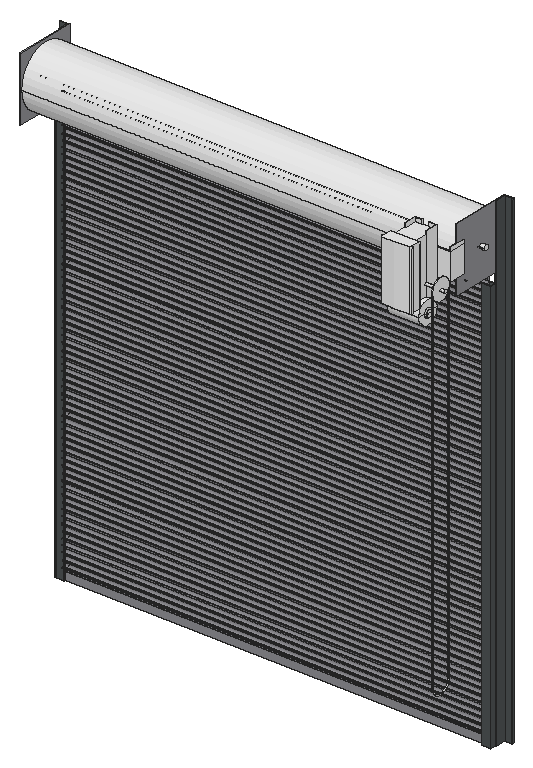
Revit family "FireKing-Fire-Rated-Service-Doors_OHD_Model-631_compact", category Specialty Equipment, host Wall, Revit 2023 (continued)
Definition of nested family "Motor"
  Forms (in)
    Extrusion 2, solid, material <- "Main Material", visible <- "Not Chain Hoist"
      sketch origin (0, 0, 18.8898) x (1, 0, 0) y (0, 1, 0)
        loop
          arc (-4.3324, -5.3122) -> (-4.24466, -5.55085) -> (-4.02324, -5.67585) r 0.36846
          arc (-4.02324, -5.67585) -> (0, -6.0017) -> (4.02324, -5.67585) r 25
          arc (4.02324, -5.67585) -> (4.24466, -5.55085) -> (4.3324, -5.3122) r 0.36846
          line (4.3324, -5.3122) -> (4.3324, -5.05565) -> (4.116, -5.05565) -> (4.116, -2.41307) -> (-4.134, -2.41307)
      from -17 to 0.35839
    Revolve 3, solid, material <- "Main Material", visible <- "Not Fire King"
      sketch origin (2.0828, 5.66524, 0) x (0, -1, 0) y (1, 0, 0)
        loop
          line (5.66524, -9.0813) -> (5.66524, 3.1162) -> (4.82413, 3.1162) -> (4.82413, 2.7162) -> (4.39283, 2.7162) -> (4.39283, 2.4872) -> (2.44007, 2.4872) -> (2.44007, -6.6585) -> (3.79863, -6.6585) -> (3.79863, -7.51105) -> (3.89778, -7.6102) -> (5.36033, -7.6102) -> (5.36033, -7.8313) -> (4.69783, -7.8313) -> (4.69783, -9.0813) -> (5.66524, -9.0813)
        axis (5.66524, -9.0813) -> (5.66524, 3.1162)
      angle from 0 to 360
    Extrusion 4, solid, material <- "Main Material", visible <- "Wall Mount RSX"
      sketch origin (0, 0, 18.8898) x (1, 0, 0) y (0, 1, 0)
        loop
          line (-2.988, 5.08193) -> (-4.988, 5.08193) -> (-4.988, 4.96193) -> (-3.108, 4.96193) -> (-3.108, 1.46193) -> (-2.988, 1.46193) -> (-2.988, 5.08193)
        loop
          line (2.988, 5.08193) -> (2.988, 1.46193) -> (3.108, 1.46193) -> (3.108, 4.96193) -> (4.988, 4.96193) -> (4.988, 5.08193) -> (2.988, 5.08193)
      from -16.64 to 1.14
    Extrusion 5, solid, material <- "Main Material"
      sketch origin (0, 0.00141, 3.59957) x (0, 0, 1) y (0, -1, 0)
        loop
          circle (2.93043, -1.18859) r 3
      from 7.52 to 7.2495
    Sweep 6, solid, material <- "Main Material"
      path origin (7.38475, 9.53, 48) x (0, 1, 0) y (0, 0, 1)
        loop
          line (-11.34, -41.47) -> (-11.34, -143.7825)
          arc (-11.34, -143.7825) -> (-8.34, -146.7825) -> (-5.34, -143.7825) r 3
          line (-5.34, -143.7825) -> (-5.34, -41.47)
      profile origin (7.38475, -1.81, -44.62625) x (1, 0, 0) y (0, 1, 0)
        loop
          circle (0, 0.1) r 0.1
    Extrusion 7, solid, material <- "Main Material"
      sketch origin (0, 0.00141, 3.59957) x (0, 0, 1) y (0, -1, 0)
        loop
          circle (2.93043, -1.18859) r 0.4
      from 8.82 to 0
    Extrusion 8, solid, material <- "Main Material", visible <- "Face+Top"
      sketch origin (0, 0, 18.8898) x (1, 0, 0) y (0, 1, 0)
        loop
          line (7.2495, 5.08193) -> (7.2495, 9.82193) -> (7.1295, 9.82193) -> (7.1295, 5.20193) -> (-2.988, 5.20193) -> (-2.988, 5.08193) -> (7.2495, 5.08193)
      from -12.32 to -4.32
    Extrusion 9, solid, material <- "Main Material", visible <- "Face + Top + Bench"
      sketch origin (0.25, 0, 18.8898) x (1, 0, 0) y (0, 1, 0)
        loop
          line (-3.358, 5.08193) -> (-3.358, 1.46193) -> (-3.238, 1.46193) -> (-3.238, 4.96193) -> (-1.238, 4.96193) -> (-1.238, 5.08193) -> (-3.358, 5.08193)
        loop
          line (2.858, 5.08193) -> (0.738, 5.08193) -> (0.738, 4.96193) -> (2.738, 4.96193) -> (2.738, 1.46193) -> (2.858, 1.46193) -> (2.858, 5.08193)
      from -16.64 to 1.14
    Extrusion 10, solid, material <- "Main Material", visible <- "Face+Top"
      sketch origin (0, 0, 0) x (0, 0, 1) y (0, -1, 0)
        loop
          line (15.5698, -5.33193) -> (6.5698, -5.33193) -> (6.5698, -9.82193) -> (15.5698, -9.82193) -> (15.5698, -5.33193)
      from 6.8795 to 7.1295
    Extrusion 11, solid, material <- "Main Material", visible <- "Bench Mount RSX"
      sketch origin (0, 0, 18.8898) x (1, 0, 0) y (0, 1, 0)
        loop
          line (-6.9985, 5.08193) -> (3.108, 5.08193) -> (3.108, 5.20193) -> (-7.1205, 5.20193) -> (-7.1205, 1.33693) -> (-6.9985, 1.33693) -> (-6.9985, 5.08193)
      from -10.78 to -1.46
    Extrusion 12, solid, material <- "Main Material", visible <- "Bench Mount RSX"
      sketch origin (0, 0, 0) x (0, 0, 1) y (0, -1, 0)
        loop
          line (8.2698, -1.46193) -> (8.2698, -4.96193) -> (17.2698, -4.96193) -> (17.2698, -1.46193) -> (8.2698, -1.46193)
      from -7.24 to -7.1205
  Lines and regions (in)
    reference lines
      curve 1: line (0, 0, 0) -> (0, 0, 18.8898)
  Dimensions and locks (in)
    Extrusion 4 sketch curve to Extrusion 4 sketch curve = 3.62"
    locked: Extrusion 4 sketch curve to Extrusion 4 sketch curve at 0.12  (x3)
    "Chain H Offset": plane 4 to plane 5
    locked: plane 7 to plane 6 at 30
    locked: Sweep 6 sketch curve to profile plane at 0
    locked: profile plane to Sweep 6 sketch curve at 0.1
    locked: Sweep 6 sketch curve to Sweep 6 sketch curve at 6
    "Floor To Cl Shaft": plane 8 to plane 6
    "Horizontal Mount": plane 1 "Center (Front/Back)" to plane 11
    Extrusion 9 sketch curve to Extrusion 9 sketch curve = 3.62"
    locked: Extrusion 9 sketch curve to Extrusion 9 sketch curve at 0.12  (x3)
    "Top Option Offset": level to plane 12
    "Chain V Offset": plane 9 "Chain Hoist" to plane 12
    equal spacing: Sweep 6 sketch curve, plane 5, Sweep 6 sketch curve
    "Vertical Mount": plane 10 "Top Of Hood" to plane 12
    locked: Extrusion 2 sketch curve to Extrusion 2 sketch curve at 8.25
    locked: Extrusion 2 sketch curve to Extrusion 2 sketch curve at 2.64258
    locked: plane 3 "Center (Left/Right)" to plane 14 at 7.2495
    "Hood Mount": plane 13 "Hood Face" to plane 14
    locked: Extrusion 8 sketch curve to Extrusion 8 sketch curve at 0.12  (x2)
    locked: Extrusion 8 sketch curve to curve 1 at 5.08193
    "Hood Width Real": plane 11 to plane 15
    "Real Exterior Wall Offset": plane 15 to plane 16 "Wall"
    locked: Extrusion 8 sketch curve to Extrusion 8 sketch curve at 4.62
    Revolve 3 sketch curve to Revolve 3 sketch curve to Revolve 3 sketch curve to Revolve 3 sketch curve to Revolve 3 sketch curve to Revolve 3 sketch curve to Revolve 3 sketch curve = 1 1/4" locked, 0.2211" locked, 0.9517" locked, 9.1457" locked, 0.229" locked, 0.4" locked
    Revolve 3 sketch curve to Revolve 3 sketch curve to Revolve 3 sketch curve to Revolve 3 sketch curve to Revolve 3 sketch curve to Revolve 3 sketch curve to Revolve 3 sketch curve to Revolve 3 sketch curve = 0.30491" locked, 0.53619" locked, 0.12631" locked, 0.305" locked, 0.49505" locked, 0.09915" locked, 1.35856" locked
    locked: Extrusion 1 sketch curve to Extrusion 1 sketch curve at 0.1196
    locked: Extrusion 1 sketch curve to Extrusion 1 sketch curve at 5.976
    equal spacing: Extrusion 1 sketch curve, curve 1, Extrusion 1 sketch curve
    locked: curve 1 to Extrusion 1 sketch curve at 2.41307
    locked: Extrusion 1 sketch curve to Extrusion 1 sketch curve at 7.375
    locked: Extrusion 9 sketch curve to curve 1 at 1.46193
    equal spacing: Extrusion 4 sketch curve, curve 1, Extrusion 4 sketch curve
    locked: Extrusion 4 sketch curve to curve 1 at 1.46193
    locked: Extrusion 10 sketch curve to Extrusion 10 sketch curve at 4.49
    locked: Extrusion 10 sketch curve to Extrusion 10 sketch curve at 9
    locked: Extrusion 10 sketch curve to curve 1 at 9.82193
    locked: Extrusion 10 sketch curve to curve 1 at 6.5698
    locked: Revolve 3 sketch curve to plane 3 "Center (Left/Right)" at 4.5757
    locked: Extrusion 4 sketch curve to Extrusion 4 sketch curve at 5.976
    locked: Extrusion 9 sketch curve to plane 3 "Center (Left/Right)" at 2.988
    locked: plane 3 "Center (Left/Right)" to Extrusion 9 sketch curve at 3.108
    locked: Extrusion 4 sketch curve to Extrusion 4 sketch curve at 2
    locked: Extrusion 4 sketch curve to Extrusion 4 sketch curve at 1.88
    locked: Extrusion 8 sketch curve to Extrusion 8 sketch curve at 10.2375
    locked: curve 1 to Extrusion 8 sketch curve at 7.2495
    locked: Extrusion 1 sketch curve to Extrusion 1 sketch curve at 1.128
    locked: Extrusion 1 sketch curve to Extrusion 1 sketch curve at 1.146
    locked: curve 1 to Extrusion 2 sketch curve at 2.41307
    locked: Extrusion 11 sketch curve to Extrusion 11 sketch curve at 0.122
    locked: Extrusion 11 sketch curve to Extrusion 11 sketch curve at 0.12
    locked: Extrusion 11 sketch curve to curve 1 at 6.9985
    locked: Extrusion 11 sketch curve to curve 1 at 5.08193
    locked: Extrusion 11 sketch curve to Extrusion 11 sketch curve at 10.1065
    locked: Extrusion 11 sketch curve to Extrusion 11 sketch curve at 3.865
    locked: Extrusion 12 sketch curve to Extrusion 12 sketch curve at 3.5
    locked: curve 1 to Extrusion 12 sketch curve at 1.46193
    locked: Extrusion 12 sketch curve to Extrusion 12 sketch curve at 9
    locked: Extrusion 12 sketch curve to curve 1 at 10.62
    radius of Extrusion 5 sketch curve = 3"
    radius of Sweep 6 sketch curve = 3"
    radius of Sweep 6 sketch curve = 0.1"
    radius of Extrusion 7 sketch curve = 0.4"
    radius of Extrusion 2 sketch curve = 0.36846"  (x2)
    radius of Extrusion 1 sketch curve = 0.12"  (x2)
    radius of Extrusion 2 sketch curve = 25"
    "Angle": angle curve 1 to plane 1 "Center (Front/Back)"
    angle Extrusion 2 sketch curve to Extrusion 2 sketch curve = 90.00°
    locked: Extrusion 2 sketch curve to Extrusion 2 sketch curve (angle 90.00°)
    aligned and locked: plane 2 to level
    aligned and locked: Revolve 3 sketch curve to Revolve 3 sketch curve
    aligned and locked: plane 1 "Center (Front/Back)" to curve 1
    aligned and locked: level to curve 1
    aligned and locked: plane 1 "Center (Front/Back)" to plane 4
    aligned and locked: Extrusion 4 sketch curve to Extrusion 4 sketch curve  (x3)
    aligned and locked: plane 7 to Sweep 6 sketch curve  (x2)
    aligned and locked: plane 8 to Sweep 6 sketch curve  (x2)
    aligned and locked: plane 5 to Extrusion 5 sketch curve
    aligned and locked: plane 9 "Chain Hoist" to Extrusion 5 sketch curve
    aligned and locked: plane 5 to Extrusion 7 sketch curve
    aligned and locked: plane 9 "Chain Hoist" to Extrusion 7 sketch curve
    aligned and locked: plane 8 to plane 9 "Chain Hoist"
    aligned and locked: Extrusion 9 sketch curve to Extrusion 9 sketch curve  (x3)
    aligned and locked: Extrusion 2 sketch curve to Extrusion 2 sketch curve
    aligned and locked: Extrusion 1 sketch curve to Extrusion 1 sketch curve
    aligned and locked: plane 4 to nested 1
    aligned and locked: plane 3 "Center (Left/Right)" to nested 1
  Automatic sketch dimensions
    plane 1 "Center (Front/Back)" to Revolve 3 sketch curve = 0"
    Revolve 3 sketch curve to Revolve 3 sketch curve = 0.09915"
    Revolve 3 sketch curve to Revolve 3 sketch curve = 4.7892"
    Revolve 3 sketch curve to plane 14 = 1.9628"
    Extrusion 9 sketch curve to plane 3 "Center (Left/Right)" = 0.988"
    plane 3 "Center (Left/Right)" to Extrusion 9 sketch curve = 0.988"
    Extrusion 2 sketch curve to plane 3 "Center (Left/Right)" = 0"
    Extrusion 2 sketch curve to Extrusion 2 sketch curve = 0.1984"
    Extrusion 2 sketch curve to Extrusion 2 sketch curve = 0.15206"
    Extrusion 2 sketch curve to Extrusion 2 sketch curve = 0.25654"
    Extrusion 2 sketch curve to Extrusion 2 sketch curve = 0"  (x2)
    Extrusion 2 sketch curve to Extrusion 2 sketch curve = 0.0593"
  Nested families (in)
    nested 1: "2D_NotScalableMain_29e791da-3db9-4234-ab15-44456784202b" at (0, 0, 0), type "Default"
      with Not Top + Bench yes, Face Mount yes, Chain Hoist no
  Definition of nested family "2D_NotScalableMain_29e791da-3db9-4234-ab15-44456784202b"
    Parameters (values of type "Default")
      Wall Mount = no
      Top Mount = no
      Not Top + Bench = no
      Fire King Face Mount = no
      Face Mount = no
      Top + Bench = no
      Chain Hoist = yes
      Bench Mount = no
    Reference planes (in)
      plane 1 "Center (Front/Back)": y = 0
      plane 2: z = 0
      plane 3 "Center (Left/Right)": x = 0
    Lines and regions (in)
      Masking region 1, in view "Ref. Level", visible <- "Not Top + Bench"
        outline origin (0, 0, 0) x (1, 0, 0) y (0, 1, 0)
          loop
            line (-6.9985, -0.96741) -> (-5.7485, -0.96741) -> (-5.7485, -0.30491) -> (-5.5274, -0.30491) -> (-5.5274, -1.76746) -> (-5.42825, -1.86661) -> (-4.5757, -1.86661) -> (-4.5757, -3.22517) -> (-4.134, -3.22517) -> (-4.134, -5.05565) -> (-4.3324, -5.05565) -> (-4.3324, -5.3122)
            arc (-4.3324, -5.3122) -> (-4.24466, -5.55085) -> (-4.02324, -5.67585) r 0.36846
            arc (-4.02324, -5.67585) -> (0, -6.0017) -> (4.02324, -5.67585) r 25
            arc (4.02324, -5.67585) -> (4.24466, -5.55085) -> (4.3324, -5.3122) r 0.36846
            line (4.3324, -5.3122) -> (4.3324, -5.05565) -> (4.116, -5.05565) -> (4.116, -3.22517) -> (4.57, -3.22517) -> (4.57, -1.27241) -> (4.799, -1.27241) -> (4.799, -0.84111) -> (5.199, -0.84111) -> (5.199, 0.79) -> (7.2495, 0.79) -> (7.2495, -1.81) -> (7.52, -1.81) -> (7.52, 0.79) -> (8.82, 0.79) -> (8.82, 1.59) -> (7.52, 1.59) -> (7.52, 4.19) -> (7.2495, 4.19) -> (7.2495, 1.59) -> (4.57, 1.59) -> (4.57, 3.22517) -> (2.988, 3.22517) -> (2.988, 4.96193) -> (-2.988, 4.96193) -> (-2.988, 3.22517) -> (-4.5757, 3.22517) -> (-4.5757, 1.86661) -> (-5.42825, 1.86661) -> (-5.5274, 1.76746) -> (-5.5274, 0.30491) -> (-5.7485, 0.30491) -> (-5.7485, 0.96741) -> (-6.9985, 0.96741) -> (-6.9985, -0.96741)
      Masking region 2, in view "Ref. Level", visible <- "Fire King Face Mount"
        outline origin (0, 0, 0) x (1, 0, 0) y (0, 1, 0)
          loop
            circle (0, 1.59) r 2.87397
          loop
            line (-2.988, 7.80693) -> (-2.988, 4.96193) -> (2.988, 4.96193) -> (2.988, 7.80693) -> (0.82, 7.80693) -> (0.82, 16.89193) -> (0.57, 16.89193) -> (0.57, 7.80693) -> (-2.988, 7.80693)
      Masking region 3, in view "Ref. Level", visible <- "Face Mount"
        outline origin (0, 0, 0) x (1, 0, 0) y (0, 1, 0)
          loop
            line (-3.108, 1.46193) -> (-2.988, 1.46193) -> (-2.988, 4.96193) -> (2.988, 4.96193) -> (2.988, 1.46193) -> (3.108, 1.46193) -> (3.108, 5.08193) -> (7.2495, 5.08193) -> (7.2495, 9.82193) -> (6.8795, 9.82193) -> (6.8795, 5.33193) -> (7.1295, 5.33193) -> (7.1295, 5.20193) -> (-2.988, 5.20193) -> (-2.988, 5.08193) -> (-3.108, 5.08193) -> (-3.108, 1.46193)
      Masking region 4, in view "Ref. Level", visible <- "Top + Bench"
        outline origin (0, 0, 0) x (1, 0, 0) y (0, 1, 0)
          loop
            line (-6.9985, -0.96741) -> (-5.7485, -0.96741) -> (-5.7485, -0.30491) -> (-5.5274, -0.30491) -> (-5.5274, -1.76746) -> (-5.42825, -1.86661) -> (-4.5757, -1.86661) -> (-4.5757, -3.22517) -> (4.57, -3.22517) -> (4.57, -1.27241) -> (4.799, -1.27241) -> (4.799, -0.84111) -> (5.199, -0.84111) -> (5.199, 0.84111) -> (4.799, 0.84111) -> (4.799, 1.27241) -> (4.57, 1.27241) -> (4.57, 3.22034) -> (4.3324, 3.22034) -> (4.3324, 6.13) -> (7.2495, 6.13) -> (7.2495, 3.53) -> (7.52, 3.53) -> (7.52, 6.13) -> (8.82, 6.13) -> (8.82, 6.93) -> (7.52, 6.93) -> (7.52, 9.53) -> (7.2495, 9.53) -> (7.2495, 6.93) -> (4.3324, 6.93) -> (4.3324, 19.24819) -> (3.108, 19.24819) -> (3.108, 20.0298) -> (0.988, 20.0298) -> (0.988, 19.24819) -> (-0.988, 19.24819) -> (-0.988, 20.0298) -> (-3.108, 20.0298) -> (-3.108, 19.24819) -> (-4.3324, 19.24819) -> (-4.3324, 3.22517) -> (-4.5757, 3.22517) -> (-4.5757, 1.86661) -> (-5.42825, 1.86661) -> (-5.5274, 1.76746) -> (-5.5274, 0.30491) -> (-5.7485, 0.30491) -> (-5.7485, 0.96741) -> (-6.9985, 0.96741) -> (-6.9985, -0.96741)
      Masking region 5, in view "Ref. Level", visible <- "Top Mount"
        outline origin (0, 0, 0) x (1, 0, 0) y (0, 1, 0)
          loop
            line (4.3324, 14.55771) -> (4.3324, 6.93) -> (7.2495, 6.93) -> (7.2495, 14.55771) -> (7.1295, 14.55771) -> (7.1295, 15.55771) -> (6.8795, 15.55771) -> (6.8795, 14.55771) -> (4.3324, 14.55771)
      Masking region 6, in view "Ref. Level", visible <- "Wall Mount"
        outline origin (0, 0, 0) x (1, 0, 0) y (0, 1, 0)
          loop
            line (-4.988, 4.96193) -> (-3.108, 4.96193) -> (-3.108, 1.46193) -> (-2.988, 1.46193) -> (-2.988, 5.08193) -> (-4.988, 5.08193) -> (-4.988, 4.96193)
          loop
            line (2.988, 1.46193) -> (3.108, 1.46193) -> (3.108, 4.96193) -> (4.988, 4.96193) -> (4.988, 5.08193) -> (2.988, 5.08193) -> (2.988, 1.46193)
      Masking region 7, in view "Ref. Level", visible <- "Bench Mount"
        outline origin (0, 0, 0) x (1, 0, 0) y (0, 1, 0)
          loop
            line (-7.24, 9.2698) -> (-7.1205, 9.2698) -> (-7.1205, 9.1098) -> (-4.3324, 9.1098) -> (-4.3324, 17.4298) -> (-7.1205, 17.4298) -> (-7.1205, 17.2698) -> (-7.24, 17.2698) -> (-7.24, 9.2698)
      Masking region 8, in view "Ref. Level", visible <- "Chain Hoist"
        outline origin (0, -6.98957, 0) x (1, 0, 0) y (0, 1, 0)
          loop
            line (4.7396, 6.58957) -> (7.2495, 6.58957) -> (7.2495, 3.98957) -> (7.52, 3.98957) -> (7.52, 6.58957) -> (8.82, 6.58957) -> (8.82, 7.38957) -> (7.52, 7.38957) -> (7.52, 9.98957) -> (7.2495, 9.98957) -> (7.2495, 7.38957) -> (4.7396, 7.38957) -> (4.7396, 6.58957)
      reference lines, in view "Ref. Level"
        curve 1: line (0, 0, 0) -> (0, 0.125, 0)
        curve 2: line (0, 0, 0) -> (0.125, 0, 0)
      detail lines, in view "Ref. Level", visible <- "Not Top + Bench"
        curve 3: line (7.2495, 4.19, 0) -> (7.2495, -1.81, 0)
        curve 4: line (7.52, 4.19, 0) -> (7.52, -1.81, 0)
        curve 5: line (-4.134, -2.29347, 0) -> (-4.134, -5.05565, 0)
        curve 6: line (4.116, -2.29347, 0) -> (4.116, -5.05565, 0)
        curve 7: line (-4.134, -2.41307, 0) -> (4.116, -2.41307, 0)
        curve 8: line (4.116, -2.29347, 0) -> (3.108, -2.29347, 0)
        curve 9: line (2.988, -2.17347, 0) -> (2.988, 4.96193, 0)
        curve 10: line (2.988, 4.96193, 0) -> (-2.988, 4.96193, 0)
        curve 11: line (-2.988, 4.96193, 0) -> (-2.988, -2.17347, 0)
        curve 12: arc (-2.988, -2.17347, 0) -> (-3.02315, -2.25832, 0) -> (-3.108, -2.29347, 0) r 0.12
        curve 13: arc (3.108, -2.29347, 0) -> (3.02315, -2.25832, 0) -> (2.988, -2.17347, 0) r 0.12
        curve 14: line (4.57, -3.22517, 0) -> (4.57, 0.77483, 0)
        curve 15: line (4.799, -1.27241, 0) -> (4.799, 0.77483, 0)
        curve 16: line (5.199, -0.84111, 0) -> (5.199, 0.77483, 0)
        curve 17: line (-4.5757, -3.22517, 0) -> (-4.5757, 3.22517, 0)
        curve 18: line (-5.42825, -1.86661, 0) -> (-5.42825, 1.86661, 0)
        curve 19: line (-5.5274, 1.76746, 0) -> (-5.5274, -1.76746, 0)
        curve 20: line (-5.7485, -0.96741, 0) -> (-5.7485, 0.96741, 0)
        curve 25: line (-4.116, -2.29347, 0) -> (-3.108, -2.29347, 0)
        curve 26: line (5.199, 0.77483, 0) -> (2.988, 0.77483, 0)
        curve 27: line (4.57, 1.59, 0) -> (3.108, 1.59, 0)
      detail lines, in view "Ref. Level", visible <- "Fire King Face Mount"
        curve 21: circle (0, 1.59, 0) r 1.29967 normal (0, 0, 1)
        curve 22: circle (0, 1.59, 0) r 0.87193 normal (0, 0, 1)
        curve 23: line (-2.988, 7.80693, 0) -> (2.988, 7.80693, 0)
        curve 24: line (-2.988, 7.685, 0) -> (2.988, 7.685, 0)
      detail lines, in view "Ref. Level", visible <- "Top + Bench"
        curve 28: line (-4.5757, -3.22517, 0) -> (-4.5757, 3.22517, 0)
        curve 29: line (-5.42825, 1.86661, 0) -> (-5.42825, -1.86661, 0)
        curve 30: line (-5.5274, 1.76746, 0) -> (-5.5274, -1.76746, 0)
        curve 31: line (-5.7485, -0.96741, 0) -> (-5.7485, 0.96741, 0)
        curve 32: line (-4.3324, 1.8898, 0) -> (-4.3324, 19.24819, 0)
        curve 33: line (-4.3324, 1.8898, 0) -> (4.3324, 1.8898, 0)
        curve 34: line (4.3324, 1.8898, 0) -> (4.3324, 19.24819, 0)
        curve 35: line (4.57, 3.22517, 0) -> (4.57, -3.22517, 0)
        curve 36: line (4.799, 1.27241, 0) -> (4.799, -1.22759, 0)
        curve 41: line (2.988, 20.0298, 0) -> (2.988, 19.24819, 0)
        curve 42: line (-2.988, 20.0298, 0) -> (-2.988, 19.24819, 0)
        curve 43: line (-3.108, 19.24819, 0) -> (-0.988, 19.24819, 0)
        curve 44: line (0.988, 19.24819, 0) -> (3.108, 19.24819, 0)
      detail lines, in view "Ref. Level", visible <- "Chain Hoist"
        curve 37: line (7.2495, 3, 0) -> (7.2495, -3, 0)
        curve 38: line (7.52, -3, 0) -> (7.52, 3, 0)
      detail lines, in view "Ref. Level", visible <- "Bench Mount"
        curve 39: line (-7.1205, 17.4298, 0) -> (-7.1205, 9.1098, 0)
        curve 40: line (-6.9985, 17.4298, 0) -> (-6.9985, 9.1098, 0)
    Dimensions and locks (in)
      curve 1 to curve 1 = 1/8"
      curve 2 to curve 2 = 1/8"
      aligned and locked: plane 1 "Center (Front/Back)" to curve 1
      aligned and locked: plane 3 "Center (Left/Right)" to curve 1
      aligned and locked: plane 1 "Center (Front/Back)" to curve 2
Definition of nested family "Label Annotation 1"
  Parameters (values of type "Label Annotation 1-8")
    Label = "Area is too big. Please reduce Door Size."
  Reference planes (in)
    plane 1: y = 0
    plane 2: x = 0
  Text (in)
    label "Label" at (0.00375, -0.00345, 0), shows "Label"
Definition of nested family "Warning Sign"
  Parameters (values of type "Warning Sign")
    Warning Sign [instance] = no
    Default Elevation = 48"
  Reference planes (in)
    plane 1 "Center (Front/Back)": y = 0
    plane 2: z = 0
    plane 3 "Center (Left/Right)": x = 0
    plane 4: y = 0.5
    plane 5: y = -0.5
    plane 6: y = 1
    plane 7: y = 0.25
  Lines and regions (in)
    model lines
      curve 1: line (-2.26129, 1, 45.69444) -> (-26.3817, 1, 3.91667)
      curve 2: line (-25.25106, 1, 3.26389) -> (-1.13064, 1, 45.04167)
      curve 3: arc (2.26129, 1, 45.69444) -> (0, 1, 47) -> (-2.26129, 1, 45.69444) r 2.61111
      curve 4: arc (-1.13064, 1, 45.04167) -> (0, 1, 45.69444) -> (1.13064, 1, 45.04167) r 1.30556
      curve 5: line (1.13064, 1, 45.04167) -> (25.25106, 1, 3.26389)
      curve 6: line (26.3817, 1, 3.91667) -> (2.26129, 1, 45.69444)
      curve 7: arc (25.25106, 1, 3.26389) -> (25.25106, 1, 1.95833) -> (24.12041, 1, 1.30556) r 1.30556
      curve 8: arc (24.12041, 1, 0) -> (26.3817, 1, 1.30556) -> (26.3817, 1, 3.91667) r 2.61111
      curve 9: line (24.12041, 1, 1.30556) -> (-24.12041, 1, 1.30556)
      curve 10: line (-24.12041, 1, 0) -> (24.12041, 1, 0)
      curve 11: arc (-24.12041, 1, 1.30556) -> (-25.25106, 1, 1.95833) -> (-25.25106, 1, 3.26389) r 1.30556
      curve 12: arc (-26.3817, 1, 3.91667) -> (-26.3817, 1, 1.30556) -> (-24.12041, 1, 0) r 2.61111
      curve 13: arc (-2.29479, 1, 8.63537) -> (0, 1, 6.34057) -> (2.29479, 1, 8.63537) r 2.29479
      curve 14: arc (2.29479, 1, 8.63537) -> (0, 1, 10.93016) -> (-2.29479, 1, 8.63537) r 2.29479
      curve 15: arc (-1.6331, 1, 13.97069) -> (0.03439, 1, 12.53727) -> (1.69278, 1, 13.98121) r 1.68043
      curve 16: line (-3.77413, 1, 28.37873) -> (-1.6331, 1, 13.97069)
      curve 17: line (1.69278, 1, 13.98121) -> (3.73924, 1, 28.37873)
      curve 18: arc (3.73924, 1, 28.37873) -> (-0.01745, 1, 32.13541) -> (-3.77413, 1, 28.37873) r 3.75668
      curve 19: line (-2.26129, -0.5, 45.69444) -> (-26.3817, -0.5, 3.91667)
      curve 20: line (-25.25106, -0.5, 3.26389) -> (-1.13064, -0.5, 45.04167)
      curve 21: arc (2.26129, -0.5, 45.69444) -> (0, -0.5, 47) -> (-2.26129, -0.5, 45.69444) r 2.61111
      curve 22: arc (-1.13064, -0.5, 45.04167) -> (0, -0.5, 45.69444) -> (1.13064, -0.5, 45.04167) r 1.30556
      curve 23: line (1.13064, -0.5, 45.04167) -> (25.25106, -0.5, 3.26389)
      curve 24: line (26.3817, -0.5, 3.91667) -> (2.26129, -0.5, 45.69444)
      curve 25: arc (25.25106, -0.5, 3.26389) -> (25.25106, -0.5, 1.95833) -> (24.12041, -0.5, 1.30556) r 1.30556
      curve 26: arc (24.12041, -0.5, 0) -> (26.3817, -0.5, 1.30556) -> (26.3817, -0.5, 3.91667) r 2.61111
      curve 27: line (24.12041, -0.5, 1.30556) -> (-24.12041, -0.5, 1.30556)
      curve 28: line (-24.12041, -0.5, 0) -> (24.12041, -0.5, 0)
      curve 29: arc (-24.12041, -0.5, 1.30556) -> (-25.25106, -0.5, 1.95833) -> (-25.25106, -0.5, 3.26389) r 1.30556
      curve 30: arc (-26.3817, -0.5, 3.91667) -> (-26.3817, -0.5, 1.30556) -> (-24.12041, -0.5, 0) r 2.61111
      curve 31: arc (-2.29479, -0.5, 8.63537) -> (0, -0.5, 6.34057) -> (2.29479, -0.5, 8.63537) r 2.29479
      curve 32: arc (2.29479, -0.5, 8.63537) -> (0, -0.5, 10.93016) -> (-2.29479, -0.5, 8.63537) r 2.29479
      curve 33: arc (-1.6331, -0.5, 13.97069) -> (0.03439, -0.5, 12.53727) -> (1.69278, -0.5, 13.98121) r 1.68043
      curve 34: line (-3.77413, -0.5, 28.37873) -> (-1.6331, -0.5, 13.97069)
      curve 35: line (1.69278, -0.5, 13.98121) -> (3.73924, -0.5, 28.37873)
      curve 36: arc (3.73924, -0.5, 28.37873) -> (-0.01745, -0.5, 32.13541) -> (-3.77413, -0.5, 28.37873) r 3.75668
  Dimensions and locks (in)
    locked: plane 1 "Center (Front/Back)" to plane 4 at 0.5
    equal spacing: plane 1 "Center (Front/Back)", plane 7, plane 4
    locked: plane 4 to plane 6 at 0.5
    locked: plane 5 to plane 1 "Center (Front/Back)" at 0.5
    aligned and locked: plane 2 to level
  Automatic sketch dimensions
    curve 21 to curve 22 = 0"  (x2)
    curve 25 to curve 26 = 0"  (x2)
    curve 29 to curve 30 = 0"  (x2)
    curve 31 to curve 32 = 0"  (x2)
    curve 21 to plane 3 "Center (Left/Right)" = 0"
    curve 31 to plane 3 "Center (Left/Right)" = 0"
    curve 30 to level = 0"
    level to curve 27 = 1.30556"
    curve 26 to curve 27 = 1.30556"
    curve 29 to curve 27 = 1.30556"
    curve 23 to curve 25 = 0.65278"
    curve 20 to curve 29 = 0.65278"
    curve 24 to curve 23 = 0.65278"
    curve 19 to curve 20 = 0.65278"
    level to curve 32 = 8.63537"
    curve 34 to plane 3 "Center (Left/Right)" = 1.6331"
    curve 34 to curve 31 = 5.33532"
    plane 3 "Center (Left/Right)" to curve 35 = 1.69278"
    curve 35 to curve 34 = 0.01052"
    plane 3 "Center (Left/Right)" to curve 33 = 0.02908"
    curve 36 to plane 3 "Center (Left/Right)" = 0.01745"
    curve 36 to curve 33 = 14.16104"
    curve 22 to curve 36 = 16.01016"
    plane 3 "Center (Left/Right)" to curve 23 = 1.13064"
    curve 23 to curve 21 = 0.65278"
    curve 20 to plane 3 "Center (Left/Right)" = 1.13064"
    plane 3 "Center (Left/Right)" to curve 24 = 2.26129"
    curve 24 to curve 22 = 0.65278"
    curve 19 to plane 3 "Center (Left/Right)" = 2.26129"
    curve 34 to curve 36 = 3.75668"
    curve 30 to plane 3 "Center (Left/Right)" = 24.12041"
    plane 3 "Center (Left/Right)" to curve 25 = 24.12041"
    curve 31 to curve 31 = 2.29479"
    curve 3 to curve 4 = 0"  (x2)
    curve 7 to curve 8 = 0"  (x2)
    curve 11 to curve 12 = 0"  (x2)
    curve 13 to curve 14 = 0"  (x2)
    curve 3 to plane 3 "Center (Left/Right)" = 0"
    curve 13 to plane 3 "Center (Left/Right)" = 0"
    curve 12 to level = 0"
    level to curve 9 = 1.30556"
    curve 8 to curve 9 = 1.30556"
    curve 11 to curve 9 = 1.30556"
    curve 5 to curve 7 = 0.65278"
    curve 2 to curve 11 = 0.65278"
    curve 6 to curve 5 = 0.65278"
    curve 1 to curve 2 = 0.65278"
    level to curve 14 = 8.63537"
    curve 16 to plane 3 "Center (Left/Right)" = 1.6331"
    curve 16 to curve 13 = 5.33532"
    plane 3 "Center (Left/Right)" to curve 17 = 1.69278"
    curve 17 to curve 16 = 0.01052"
    plane 3 "Center (Left/Right)" to curve 15 = 0.02908"
    curve 18 to plane 3 "Center (Left/Right)" = 0.01745"
    curve 18 to curve 15 = 14.16104"
    curve 4 to curve 18 = 16.01016"
    plane 3 "Center (Left/Right)" to curve 5 = 1.13064"
    curve 5 to curve 3 = 0.65278"
    curve 2 to plane 3 "Center (Left/Right)" = 1.13064"
    plane 3 "Center (Left/Right)" to curve 6 = 2.26129"
    curve 6 to curve 4 = 0.65278"
    curve 1 to plane 3 "Center (Left/Right)" = 2.26129"
    curve 16 to curve 18 = 3.75668"
    curve 12 to plane 3 "Center (Left/Right)" = 24.12041"
    plane 3 "Center (Left/Right)" to curve 7 = 24.12041"
    curve 13 to curve 13 = 2.29479"
Types (9): name | Voltage | Operator Visibility | Number of Poles | Hood Offset | Headroom Height | Frequency | Door Height True | Door Height (Real) | Floor To (CL) of Shaft | Chain Hoist or Manual | Current | Connector Array | Calculated Area | Apparent Load Phase 3 | Apparent Load Phase 2 | Apparent Load Phase 1
  115 volts, one phase, 60 Hz (110-120V range) | 115 V | yes | 1 | 3" | 21 5/8" | 60 Hz | 141 5/8" | 123" | 132 5/16" | no | 20 A | 3 | 102.927 SF | 0 VA | 0 VA | 2300 VA
  Chain Hoist | 0 V | yes | 1 | 1" | 19 5/8" | 0 Hz | 139 5/8" | 121" | 130 5/16" | yes | 0 A | 2 | 101.253 SF | 0 VA | 0 VA | 0 VA
  208 volts, one phase, 60 Hz (190-207V range) | 208 V | yes | 1 | 3" | 21 5/8" | 60 Hz | 141 5/8" | 123" | 132 5/16" | no | 20 A | 3 | 102.927 SF | 0 VA | 0 VA | 4160 VA
  208 volts, three phase, 60 Hz (190-207 V range) | 208 V | yes | 3 | 3" | 21 5/8" | 60 Hz | 141 5/8" | 123" | 132 5/16" | no | 20 A | 3 | 102.927 SF | 2401.78 VA | 2401.78 VA | 2401.78 VA
  230 volts, one phase, 60 Hz (208-245V range) | 230 V | yes | 1 | 3" | 21 5/8" | 60 Hz | 141 5/8" | 123" | 132 5/16" | no | 20 A | 3 | 102.927 SF | 0 VA | 0 VA | 4600 VA
  230 volts, three phase, 60 Hz (208-245 V range) | 230 V | yes | 3 | 3" | 21 5/8" | 60 Hz | 141 5/8" | 123" | 132 5/16" | no | 20 A | 3 | 102.927 SF | 2655.81 VA | 2655.81 VA | 2655.81 VA
  460 volts, three phase, 60 Hz (456-495 V range) | 460 V | yes | 3 | 3" | 21 5/8" | 60 Hz | 141 5/8" | 123" | 132 5/16" | no | 20 A | 3 | 102.927 SF | 5311.62 VA | 5311.62 VA | 5311.62 VA
  575 volts, three phase, 60 Hz | 575 V | yes | 3 | 3" | 21 5/8" | 60 Hz | 141 5/8" | 123" | 132 5/16" | no | 20 A | 3 | 102.927 SF | 6639.53 VA | 6639.53 VA | 6639.53 VA
  Manual push-up | 0 V | no | 1 | 1" | 19 5/8" | 0 Hz | 139 5/8" | 121" | 130 5/16" | yes | 0 A | 2 | 101.253 SF | 0 VA | 0 VA | 0 VA
